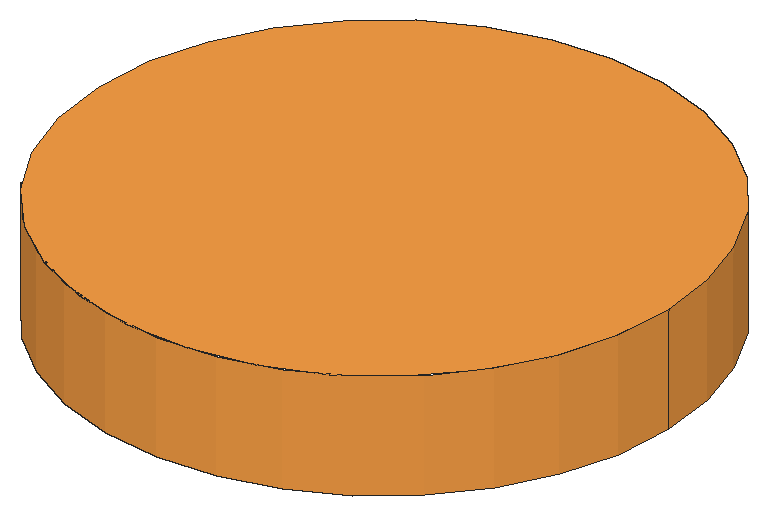
Revit family "Detector de monóxido analógico direccionable_Aguilera Electronica", category Dispositivos de alarma de incendios, Revit 2017
Family settings
  Anfitrión = Cara
  Mantener orientación de anotación = Sí
  Cota de conector redondo = Diámetro de uso
  Tipo de pieza = Normal
  Número OmniClass = 23.85.30.21.11.17
  Título OmniClass = Other Components
  Corte con vacíos al cargar = No
  Compartido = No
  Punto de cálculo de habitación = No
Parameters (values of type "Detector de monóxido analógico direccionable")
  Zócalo = no
  Zona de acción = yes
  Símbolo texto modelo = yes
  Símbolo = yes
  Diámetro tubo = 20 mm
  Altura 3 = 25 mm  # constant formula
  Altura 2 = 1 mm
  URL = "http://aguilera.es/?productos=detector-de-monoxido-de-carbono-analogico-direccionable"
  Modelo = "AE/COD"
  Fabricante = "Aguilera Electrónica"  # constant formula
  Elevación por defecto = 1200 mm
  Diámetro = 106 mm
  Descripción = "Diseñado y fabricado por Aguilera Electrónica según normas UNE 23300-84 y homologados por el Ministerio de Industria y Energía.\r\nUnidad microprocesada analógica direccionable indicada para detectar la presencia de monóxido de carbono.\r\nIncorpora una sonda electroquímica.\r\nDimensiones 105 mm Ø x 55mm."  # constant formula
  Type Comments = ""
  Altura 1 = 20 mm  # constant formula
Types (3, lengths in mm): name | Zócalo | Altura 2 | Modelo | Diámetro | Type Comments
  (no name) | no | 1 | "AE/COD" | 106 | ""
  Detector de monóxido analógico direccionable | no | 1 | "AE/COD" | 106 | ""
  Detector de monóxido analógico direccionable con zócalo | yes | 30 | "AE/COD + AE/ZCO" | 105 | "Zócalo intercambiable que permite la entrada del tubo en instalaciones vistas."
Reference planes
  plane 1 "Centro (Frontal/Posterior)": y = 0
  plane 2: z = 0
  plane 3 "Centro (Izquierda/Derecha)": x = 0
  plane 4: z = 46
  plane 5: z = 21
  plane 6: z = 1
Forms (mm)
  Extrusion 1, solid
    sketch origin (0, 0, 0) x (1, 0, 0) y (0, 1, 0)
      loop
        line (-1320, 1280) -> (-1320, -1273.818) -> (1327.988, -1273.818) -> (1327.988, 1280) -> (-1320, 1280)
    from 0 to -304.8
  Revolve 2, solid, material "Carcasa ABS Gris", detail levels medium+fine
    sketch origin (0, 0, 0) x (0, 1, 0) y (0, 0, 1)
      loop
        line (-53, 1) -> (-53, 0) -> (0, 0) -> (0, 1) -> (-53, 1)
      axis (0, 1) -> (0, 0)
    angle from 0 to 360
  Extrusion 3, solid, material "Carcasa ABS Gris", visible <- "Zócalo", detail levels medium+fine
    sketch origin (0, 0, 28.069) x (0, 1, 0) y (0, 0, 1)
      loop
        circle (0, -13.675) r 10
    from 48.382 to 52.012
  Extrusion 4, solid, material "Carcasa ABS Gris", visible <- "Zócalo", detail levels medium+fine
    sketch origin (0, 0, 28.069) x (-1, 0, 0) y (0, 0, 1)
      loop
        circle (0, -13.675) r 10
    from 48.382 to 52.012
  Extrusion 5, solid, material "Carcasa ABS Gris", visible <- "Zócalo", detail levels medium+fine
    sketch origin (0, 0, 28.069) x (0, 1, 0) y (0, 0, -1)
      loop
        circle (0, 13.675) r 10
    from 48.382 to 52.012
  Revolve 6, solid, material "Carcasa ABS Gris"
    sketch origin (0, 0, 0) x (1, 0, 0) y (0, 0, 1)
      loop
        line (-23.133, 21) -> (-53, 13.243) -> (-53, 1) -> (-18.204, 1) -> (-18.204, 21) -> (-23.133, 21)
      axis (0, 1) -> (0, 21)
    angle from 0 to 360
  Revolve 7, solid, material "Carcasa ABS Gris", detail levels fine
    sketch origin (0, 0, 0) x (0, 1, 0) y (0, 0, 1)
      loop
        line (-23.133, 21) -> (0, 21) -> (0, 46) -> (-18.133, 46) -> (-23.133, 41) -> (-23.133, 21)
      axis (0, 46) -> (0, 21)
    angle from 0 to 360
  Extrusion 8, solid, material "Zona de acción", visible <- "Zona de acción"
    sketch origin (0, 0, 0) x (1, 0, 0) y (0, 1, 0)
      loop
        circle (0, 0) r 7950
    from 0 to 3000
Dimensions and locks
  "Altura 2": plane 6 to Extrusion 1
  "Altura 1": plane 5 to plane 6
  "Altura 3": plane 4 to plane 5
  aligned and locked: plane 2 to Extrusion 1
  aligned and locked: level to Extrusion 1
  aligned and locked: Extrusion 1 to Revolve 2 sketch curve
  aligned and locked: plane 1 "Centro (Frontal/Posterior)" to Revolve 2 sketch curve  (x2)
  aligned and locked: Revolve 2 sketch curve to plane 6
  aligned and locked: Revolve 6 sketch curve to plane 3 "Centro (Izquierda/Derecha)"
  aligned and locked: plane 6 to Revolve 6 sketch curve
  aligned and locked: Revolve 6 sketch curve to plane 5
  aligned and locked: plane 1 "Centro (Frontal/Posterior)" to Revolve 7 sketch curve
Automatic sketch dimensions
  Extrusion 1 sketch curve to Extrusion 1 sketch curve = 2647.988 mm
  Extrusion 1 sketch curve to Extrusion 1 sketch curve = 2553.818 mm
  Extrusion 3 sketch curve to plane 1 "Centro (Frontal/Posterior)" = 0 mm
  level to Extrusion 3 sketch curve = 14.394 mm
  Extrusion 4 sketch curve to plane 3 "Centro (Izquierda/Derecha)" = 0 mm
  level to Extrusion 4 sketch curve = 14.394 mm
  Extrusion 5 sketch curve to plane 1 "Centro (Frontal/Posterior)" = 0 mm
  level to Extrusion 5 sketch curve = 14.394 mm
  Revolve 2 sketch curve to level = 4.781 mm
  Revolve 2 sketch curve to Revolve 2 sketch curve = 7.426 mm
  plane 1 "Centro (Frontal/Posterior)" to Revolve 2 sketch curve = 53 mm
  Revolve 6 sketch curve to plane 3 "Centro (Izquierda/Derecha)" = 18.204 mm
  Revolve 6 sketch curve to Revolve 6 sketch curve = 4.929 mm
  Revolve 6 sketch curve to Revolve 6 sketch curve = 34.796 mm
  Revolve 6 sketch curve to plane 5 = 7.757 mm
  level to Revolve 6 sketch curve = 12.38 mm
  plane 6 to Revolve 6 sketch curve = 2.38 mm
  Revolve 7 sketch curve to plane 5 = 0 mm
  Revolve 7 sketch curve to plane 4 = 0 mm
  Revolve 7 sketch curve to plane 1 "Centro (Frontal/Posterior)" = 0 mm
  Revolve 7 sketch curve to Revolve 7 sketch curve = 18.133 mm
  Revolve 7 sketch curve to Revolve 7 sketch curve = 23.133 mm
  Revolve 7 sketch curve to plane 4 = 5 mm
  plane 6 to Revolve 7 sketch curve = 7.181 mm
  Revolve 7 sketch curve to Revolve 7 sketch curve = 5 mm
  plane 1 "Centro (Frontal/Posterior)" to Extrusion 8 sketch curve = 0 mm
  Extrusion 8 sketch curve to plane 3 "Centro (Izquierda/Derecha)" = 0 mm
  radius of Extrusion 3 sketch curve = 10 mm
  radius of Extrusion 4 sketch curve = 10 mm
  radius of Extrusion 5 sketch curve = 10 mm
  radius of Extrusion 8 sketch curve = 7950 mm
Nested families
  nested 1: "S_Detector de monóxido analógico direccionable_Aguilera Electronica" at (0, 0, 0), visible <- "Símbolo", type "S_Detector de monóxido analógico direccionable_Aguilera Electronica"
Connectors
  cabletrayconduit at (52.012, 0, 14.394), diameter 20, driven by "Diámetro tubo", driven by "Modelo"
    settings: on Extrusion 3, index 2, connector width 300 mm, connector height 300 mm, connector angle 0.00°, system type 32, placement type 0, profile type 0, connector reference index -1, is primary connector yes, connector utility param no, connector description "AE/COD"
  cabletrayconduit at (0, 52.012, 14.394), diameter 20, driven by "Diámetro tubo", driven by "Modelo"
    settings: on Extrusion 4, index 3, connector width 300 mm, connector height 300 mm, connector angle 0.00°, system type 32, placement type 0, profile type 0, connector reference index -1, is primary connector no, connector utility param no, connector description "AE/COD"
  cabletrayconduit at (-52.012, 0, 14.394), diameter 20, driven by "Diámetro tubo", driven by "Modelo"
    settings: on Extrusion 5, index 4, connector width 300 mm, connector height 300 mm, connector angle 0.00°, system type 32, placement type 0, profile type 0, connector reference index -1, is primary connector no, connector utility param no, connector description "AE/COD"
  electrical at (0, 0, 0), driven by "Modelo"
    settings: on Revolve 2, index 5, voltage 0 V, apparent load 0 VA, apparent load phase1 0 VA, apparent load phase2 0 VA, apparent load phase3 0 VA, power factor 1, load classification "Otro", number of poles 1, system type 11, power factor state 1, is connector primary yes, connector utility no, sub classification motor no, connector description "AE/COD"
Definition of nested family "S_Detector de monóxido analógico direccionable_Aguilera Electronica"
  Parameters (values of type "S_Detector de monóxido analógico direccionable_Aguilera Electronica")
    Texto símbolo = "CO"
    Texto modelo = yes
    Modelo = "CO"
  Reference planes
    plane 1: y = 0
    plane 2: x = 0
  Lines and regions (mm)
    detail lines
      curve 1: circle (0, 0, 0) r 7.206 normal (0, 0, 1)
  Text (mm)
    label "Texto símbolo" at (-0.164, 2.521, 0), shows "Texto símbolo"
    label "Modelo" at (-0.164, -2.652, 0), shows "Modelo", visible <- "Texto modelo"
